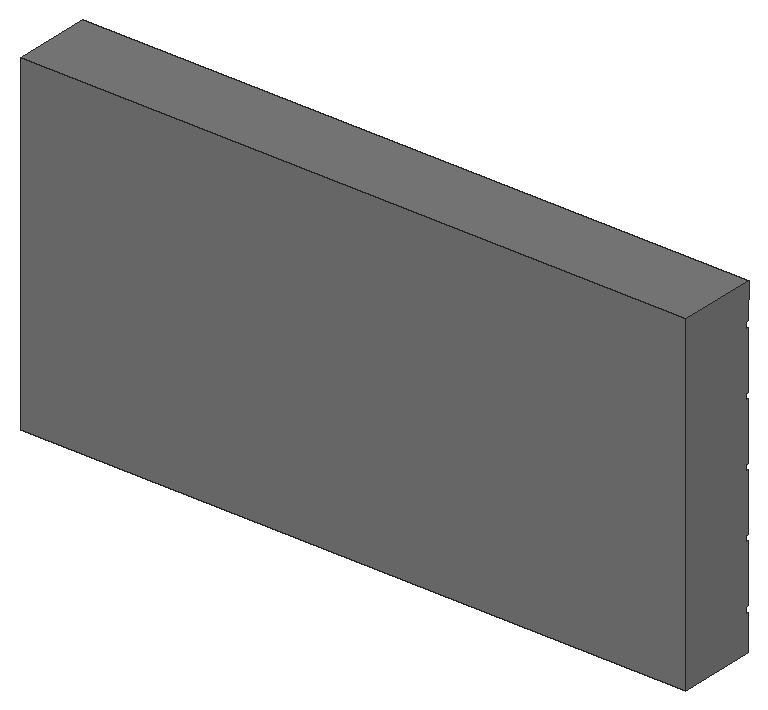
Revit family "Etixx37_ep140_R3-7", category Equipement spécialisé, Revit 2016
Family settings
  Type d'élément = Normal
  Cote de connecteur circulaire = Utiliser le diamètre
  Basée sur le plan de construction = Non
  Toujours verticalement = Oui
  Couper avec des vides une fois chargée = Non
  Partagée = Non
  Point de calcul de pièce = Non
Parameters (values of type "Etixx37_ep140_R3-7")
  Visibilité [instance] = yes
  URL = "https://www.isobox-isolation.fr/sites/default/files/produit_documents/plaquette_etixx_31_37juin2018_0.pdf"
  Transmission de la vapeur d’eau (μ) = "20-40"  # constant formula
  Résistance thermique = 3.7000 (m²·K)/W  # constant formula
  Modèle = "ep : 140mm"  # constant formula
  Matériaux = Isolant PSE Etixx 37
  Longueur [instance] = 1200.00 mm
  Largeur [instance] = 600.00 mm
  Image du type = Image_Etixx37.jpg
  Fabricant = "Isobox"  # constant formula
  Epaisseur = 140.00 mm  # constant formula
  Empreinte carbone (Kg eq CO²/m²) = 9.11  # constant formula
  Description = "Etixx37 épaisseur 140"  # constant formula
  Coût = 0  # constant formula
  Conductivité thermique = 0.0310 W/(m·K)  # constant formula
Reference planes
  plane 1 "Centre (avant/arrière)": z = 0
  plane 2: y = 655.866
  plane 3 "Centre (gauche/droite)": x = 298.55
  plane 4 "Extérieur": y = 515.866
  plane 5: x = -901.45
  plane 6: z = 600
Forms (mm)
  Extrusion 1, solid, material "Isolant PSE Etixx 37" <- "Matériaux"
    sketch origin (0, 655.866, 600) x (0, 0, 1) y (-1, 0, 0)
      loop
        line (-600, 901.45) -> (-600, -298.55) -> (0, -298.55) -> (0, 901.45) -> (-600, 901.45)
    from 0 to 140
  Extrusion 2, void
    sketch origin (2.901, 655.866, 520) x (0, 0, 1) y (-1, 0, 0)
      loop
        line (-455, 904.351) -> (-455, -295.649) -> (-445, -295.649) -> (-445, 904.351) -> (-455, 904.351)
      loop
        line (-340, 904.351) -> (-340, -295.649) -> (-330, -295.649) -> (-330, 904.351) -> (-340, 904.351)
      loop
        line (-225, 904.351) -> (-225, -295.649) -> (-215, -295.649) -> (-215, 904.351) -> (-225, 904.351)
      loop
        line (-110, 904.351) -> (-110, -295.649) -> (-100, -295.649) -> (-100, 904.351) -> (-110, 904.351)
      loop
        line (5, 904.351) -> (5, -295.649) -> (15, -295.649) -> (15, 904.351) -> (5, 904.351)
    from 0 to 5
Cuts and joins
  Extrusion 2 cuts Extrusion 1
Dimensions and locks
  "Epaisseur": plane 4 "Extérieur" to plane 2
  "Longueur": plane 5 to plane 3 "Centre (gauche/droite)"
  "Largeur": plane 6 to level
  aligned and locked: plane 4 "Extérieur" to cut or joined group of Extrusion 1, Extrusion 2
  aligned and locked: plane 1 "Centre (avant/arrière)" to cut or joined group of Extrusion 1, Extrusion 2
  aligned and locked: plane 5 to Extrusion 1
  aligned and locked: plane 6 to cut or joined group of Extrusion 1, Extrusion 2
  aligned and locked: Extrusion 1 to Extrusion 2  (x9)
  aligned and locked: plane 3 "Centre (gauche/droite)" to Extrusion 2
Automatic sketch dimensions
  Extrusion 1 sketch curve to level = 0.00 mm
  Extrusion 1 sketch curve to plane 3 "Centre (gauche/droite)" = 0.00 mm
  level to Extrusion 1 sketch curve = 600.00 mm
  Extrusion 1 sketch curve to Extrusion 1 sketch curve = 1200.00 mm
  plane 3 "Centre (gauche/droite)" to Extrusion 2 sketch curve = 0.00 mm  (x5)
  level to Extrusion 2 sketch curve = 65.00 mm
  Extrusion 2 sketch curve to Extrusion 2 sketch curve = 10.00 mm  (x5)
  Extrusion 2 sketch curve to Extrusion 2 sketch curve = 105.00 mm  (x4)
  Extrusion 2 sketch curve to Extrusion 2 sketch curve = 1200.00 mm
  Extrusion 2 sketch curve to Extrusion 2 sketch curve = 0.00 mm  (x4)
